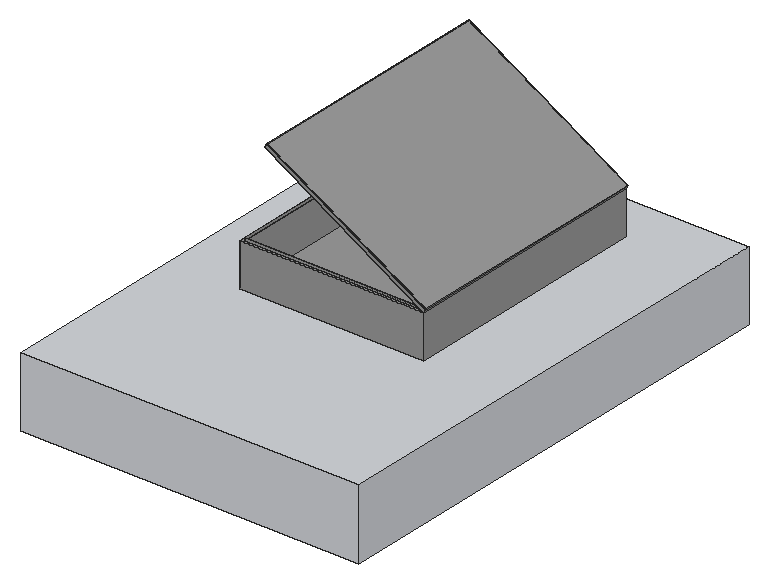
Revit family "Hager-Univers-IP44-D205-H1100-Cl.II-Encl-FR-fr", category Equipement électrique, Revit 2020
Family settings
  Hôte = Face
  Configuration du panneau = Deux colonnes, circuits au sein
  Cote de connecteur circulaire = Utiliser le diamètre
  Type d'élément = Tableau de raccordement
  Couper avec des vides une fois chargée = Non
  Partagée = Non
  Point de calcul de pièce = Non
Parameters (values of type "saillie IP44 L800 H1100 P205  - FP73QS")
  Width Control [instance] = if([EF000008 - largeur] > Min Width, [EF000008 - largeur], Min Width)  # 800 mm
  Commentaires du type = [HG000003 - Gamme]  # "Univers"
  Thickness Door [instance] = if([EF009171 - épaisseur de matériau de la porte/du couvercle] > 3 mm, 3 mm, [EF009171 - épaisseur de matériau de la porte/du couvercle])  # 1 mm
  Seal Frame Offset [instance] = 17 mm  # constant formula
  Plinth Visibility [instance] = [HG000027 - Hauteur du socle] > 0 mm  # no
  Model = ""
  Min Width [instance] = 100 mm  # constant formula
  Min Height [instance] = 100 mm  # constant formula
  Min Depth [instance] = (2 * [EF009170 - épaisseur de matériau du boîtier]) + 1 mm  # 3 mm
  Internal Frame Depth [instance] = (Door System Depth * 0.5)  # 9 mm
  Height Control [instance] = if([EF000040 - hauteur] > Min Height, [EF000040 - hauteur], Min Height)  # 1100 mm
  HG000027 - Hauteur du socle = 0 mm
  HG000026 - Installation au sol = no
  HG000024 - Hauteur de la section basse = 800 mm
  HG000023 - Armoire double section = no
  HG000016 - Visibilité de la porte 3D [instance] = yes
  HG000015 - Visibilité de l'emprise de la porte [instance] = no
  HG000014 - Porte à droite [instance] = yes
  HG000013 - Porte à gauche [instance] = not([HG000014 - Porte à droite])  # no
  HG000012 - Angle de pivotement de la porte [instance] = 30.00°
  HG000010 - Portes asymétriques = no
  HG000009 - Porte à double battant = no
  HG000006 - Encastré = no
  HG000004 - Référence fabricant = "FP73QS"
  HG000003 - Gamme = "Univers"
  HG000002 - avec porte = yes
  Frame Offset Bottom [instance] = 10 mm  # constant formula
  Frame Offset [instance] = 15 mm  # constant formula
  EF015940 - couvercle avec décharge de pression = no
  EF011959 - degré de protection (NEMA) = ""
  EF009554 - nombre d'ouvertures pour plaques à bride = 6
  Fabricant = "Hager"  # constant formula
  EF009212 - finition du couvercle = "EV000116 - fermé"
  EF009171 - épaisseur de matériau de la porte/du couvercle = 1 mm
  EF009170 - épaisseur de matériau du boîtier = 1 mm
  EF008873 - courant nominal (In) = 250 A
  EF007800 - adapté à un parafoudre = no
  EF006306 - avec serrure = no
  EF006244 - couvercle/porte transparent(e) = no
  EF005474 - indice de protection (IP) = "EV006418 - IP44"
  EF004464 - type de porte = "EV002646 - unique"
  EF004427 - nombre de modules = 252
  EF004293 - indice de protection contre les chocs (IK) = "EV006815 - IK09"
  EF003532 - convient pour utilisation à l’extérieur = no
  EF002950 - largeur en nombre de modules = 36
  EF001613 - maintien de fonction = "EV000494 - sans"
  EF001596 - matériau du boîtier/corps = "EV000179 - acier"
  EF001131 - profondeur intérieure = 143 mm
  EF001088 - possibilité de montage en saillie = yes
  EF000437 - nombre d'entrées de conduit = 6
  EF000339 - type de capot = "EV001012 - couvercle"
  EF000266 - nombre de rangées = 7
  EF000218 - profondeur d'encastrement = 0 mm
  EF000118 - avec cadre/support de montage = no
  EF000116 - numéro RAL = "9010"
  EF000049 - profondeur = 205 mm
  EF000040 - hauteur = 1100 mm
  EF000008 - largeur = 800 mm
  EF000007 - couleur = "EV000202 - blanc"
  EF000003 - mode de pose = "EV000384 - saillie"
  Door System Leaf Tolerance [instance] = 1.5 mm  # constant formula
  Door System Depth [instance] = 18 mm  # constant formula
  Door Height [instance] = Height Control - [HG000027 - Hauteur du socle]  # 1100 mm
  Depth Control [instance] = if([EF000049 - profondeur] > Min Depth, [EF000049 - profondeur], Min Depth)  # 205 mm
  Default Elevation = 0 mm
  Connector Offset [instance] = Height Control / 2  # 550 mm
  Bottom Top Plate Trim [instance] = 1.5 mm  # constant formula
  Plinth height Ctrl [instance] = if([HG000027 - Hauteur du socle] > 0 mm, [HG000027 - Hauteur du socle], 12 mm)  # 12 mm
Types (3, lengths in mm): name | Width Control | HG000009 - Porte à double battant | HG000004 - Référence fabricant | EF009554 - nombre d'ouvertures pour plaques à bride | EF004464 - type de porte | EF004427 - nombre de modules | EF002950 - largeur en nombre de modules | EF000437 - nombre d'entrées de conduit | EF000008 - largeur
  saillie IP44 L1050 H1100 P205  - FP74QS | 1050 | yes | "FP74QS" | 8 | "EV003602 - double" | 336 | 48 | 8 | 1050
  saillie IP44 L550 H1100 P205  - FP72QS | 550 | no | "FP72QS" | 4 | "EV002646 - unique" | 168 | 24 | 4 | 550
  saillie IP44 L800 H1100 P205  - FP73QS | 800 | no | "FP73QS" | 6 | "EV002646 - unique" | 252 | 36 | 6 | 800
Reference planes
  plane 1 "Center (Front/Back)": y = 0
  plane 2: z = 0
  plane 3 "Center (Left/Right)": x = 0
  plane 4: z = 205
  plane 5: y = 1
  plane 6: y = 550
  plane 7: y = 0
  plane 8: y = 1100
  plane 9: z = 0
  plane 10: x = -385
  plane 11: x = 385
  plane 12: x = 384
  plane 13: x = -384
  plane 14: y = 1099
  plane 15: x = -383
  plane 16: x = -400
  plane 17: x = 383
  plane 18: x = 400
  plane 19: x = 399
  plane 20: x = -399
  plane 21: y = 11
  plane 22: y = 1100
  plane 23: y = 1084
  plane 24: z = 187
  plane 25: z = 1
  plane 26: z = 186
  plane 27: z = 204
Forms (mm)
  Extrusion 1, solid
    sketch origin (0, 0, 0) x (1, 0, 0) y (0, 1, 0)
      loop
        line (-702.964, 1305) -> (-702.964, -811.445) -> (766.763, -811.445) -> (766.763, 1305) -> (-702.964, 1305)
    from 0 to -304.8
  Extrusion 2, solid, material "Hager_Steel_RAL7035_Light_Grey", visible <- "Plinth Visibility", detail levels medium+fine
    sketch origin (0, 0, 0) x (1, 0, 0) y (0, 1, 0)
      loop
        line (-400, 0) -> (400, 0) -> (400, 12) -> (-400, 12) -> (-400, 0)
    from 0 to 187
  Extrusion 3, solid, material "Hager_Steel_RAL7035_Light_Grey", detail levels medium+fine
    sketch origin (0, 0, 0) x (1, 0, 0) y (0, 1, 0)
      loop
        line (-400, 0) -> (400, 0) -> (400, 1100) -> (-400, 1100) -> (-400, 0)
    from 0 to 187
  Extrusion 4, void
    sketch origin (0, 0, 0) x (1, 0, 0) y (0, 1, 0)
      loop
        line (-399, 1) -> (399, 1) -> (399, 1099) -> (-399, 1099) -> (-399, 1)
    from 1 to 186
  Extrusion 5, void
    sketch origin (-381.607, -4572, 187) x (0, -1, 0) y (-1, 0, 0)
      loop
        line (-4583, 2.393) -> (-5656, 2.393) -> (-5656, -765.607) -> (-4583, -765.607) -> (-4583, 2.393)
    from 0 to 1 <- "EF009170 - épaisseur de matériau du boîtier"
  Extrusion 6, solid, material "Hager_Steel_RAL7035_Light_Grey", detail levels fine
    sketch origin (0, 0, 187) x (1, 0, 0) y (0, 1, 0)
      loop
        line (-384, 1084) -> (-384, 11) -> (384, 11) -> (384, 1084) -> (-384, 1084)
      loop
        line (-385, 10) -> (385, 10) -> (385, 1085) -> (-385, 1085) -> (-385, 10)
    from 0 to 9 <- "Internal Frame Depth"
  Extrusion 7, solid, material "Hager_Steel_RAL7035_Light_Grey", detail levels coarse
    sketch origin (0, 0, 0) x (1, 0, 0) y (0, 1, 0)
      loop
        line (-400, 0) -> (400, 0) -> (400, 1100) -> (-400, 1100) -> (-400, 0)
    from 0 to 205
  Sweep 8, void
    path in 3D
      loop
        line (-400, 12, 0) -> (400, 12, 0) -> (400, 12, 187) -> (-400, 12, 187) -> (-400, 12, 0)
    profile origin (-400, 12, 93.5) x (-1, 0, 0) y (0, -1, 0)
      loop
        line (0, 0) -> (0, 1.5) -> (-1.5, 1.5)
        arc (-1.5, 1.5) -> (-1.061, 0.439) -> (0, 0) r 1.5
Cuts and joins
  Extrusion 4, Extrusion 5 cuts Extrusion 3
  Sweep 8 cuts Extrusion 2
Lines and regions (mm)
  Masking region 1
    outline origin (0, 0, 0) x (1, 0, 0) y (0, 0, 1)
      loop
        line (-400, 205) -> (-400, 0) -> (400, 0) -> (400, 205) -> (-400, 205)
  Masking region 2, detail levels medium+fine
    outline origin (0, 140, 0) x (0, 1, 0) y (0, 0, 1)
      loop
        line (-140, 0) -> (960, 0) -> (960, 187) -> (-140, 187) -> (-140, 0)
  Masking region 3, not visible, detail levels medium+fine
    outline origin (0, 297.922, 0) x (0, 1, 0) y (0, 0, 1)
      loop
        line (263.578, 0) -> (303.578, 0) -> (303.578, 194)
        arc (303.578, 194) -> (300.649, 201.071) -> (293.578, 204) r 10
        line (293.578, 204) -> (263.578, 204) -> (263.578, 0)
  Masking region 4, detail levels coarse
    outline origin (0, 0, 180) x (0, 1, 0) y (0, 0, 1)
      loop
        line (0, -180) -> (1100, -180) -> (1100, 25) -> (0, 25) -> (0, -180)
  Masking region 5, visible <- "Plinth Visibility", detail levels medium+fine
    outline origin (0, 52.24, 12.345) x (0, 0, -1) y (0, 1, 0)
      loop
        line (10.845, -40.24) -> (-173.155, -40.24)
        arc (-173.155, -40.24) -> (-173.594, -41.301) -> (-174.655, -41.74) r 1.5
        line (-174.655, -41.74) -> (-174.655, -52.24) -> (12.345, -52.24) -> (12.345, -41.74)
        arc (12.345, -41.74) -> (11.285, -41.301) -> (10.845, -40.24) r 1.5
  Masking region 6, detail levels medium+fine
    outline origin (-381.607, -4572, 187) x (-1, 0, 0) y (0, -1, 0)
      loop
        line (18.393, -5672) -> (18.393, -4572) -> (-781.607, -4572) -> (-781.607, -5672) -> (18.393, -5672)
  Masking region 7, visible <- "Plinth Visibility", detail levels medium+fine
    outline origin (-381.607, -4727, 187) x (-1, 0, 0) y (0, -1, 0)
      loop
        arc (16.893, -4739) -> (17.332, -4737.939) -> (18.393, -4737.5) r 1.5
        line (18.393, -4737.5) -> (18.393, -4727) -> (-781.607, -4727) -> (-781.607, -4737.5)
        arc (-781.607, -4737.5) -> (-780.546, -4737.939) -> (-780.107, -4739) r 1.5
        line (-780.107, -4739) -> (16.893, -4739)
  Masking region 8, detail levels coarse
    outline origin (-442.548, -4669.526, 187) x (-1, 0, 0) y (0, -1, 0)
      loop
        line (-42.548, -5769.526) -> (-42.548, -4669.526) -> (-842.548, -4669.526) -> (-842.548, -5769.526) -> (-42.548, -5769.526)
  sketch lines
    curve 1: line (-400, 12, 187) -> (-400, 12, 0)
    curve 2: line (400, 12, 187) -> (-400, 12, 187)
    curve 3: line (400, 12, 187) -> (400, 12, 0)
    curve 4: line (-400, 12, 0) -> (400, 12, 0)
Dimensions and locks
  "Depth Control": plane 4 to Extrusion 1
  "HG000027 - Hauteur du socle": plane 1 "Center (Front/Back)" to plane 7
  "EF009170 - épaisseur de matériau du boîtier": plane 5 to plane 7
  locked: connector elem to plane 3 "Center (Left/Right)"
  equal spacing: plane 8, plane 6, plane 7
  locked: connector elem to plane 6
  "EF009170 - épaisseur de matériau du boîtier": plane 8 to plane 14
  "EF009170 - épaisseur de matériau du boîtier": plane 10 to plane 13
  "EF009170 - épaisseur de matériau du boîtier": plane 12 to plane 11
  "Frame Offset": plane 20 to plane 13
  "Frame Offset": plane 12 to plane 19
  "EF009170 - épaisseur de matériau du boîtier": plane 16 to plane 20
  "EF009170 - épaisseur de matériau du boîtier": plane 19 to plane 18
  "Seal Frame Offset": plane 16 to plane 15
  "Seal Frame Offset": plane 17 to plane 18
  "Frame Offset Bottom": plane 21 to plane 5
  "Frame Offset": plane 14 to plane 23
  equal spacing: plane 16, plane 3 "Center (Left/Right)", plane 18
  "Width Control": plane 16 to plane 18
  "EF009170 - épaisseur de matériau du boîtier": plane 4 to plane 27
  "EF009170 - épaisseur de matériau du boîtier": plane 24 to plane 26
  "EF009170 - épaisseur de matériau du boîtier": plane 25 to level
  "Door System Depth": plane 4 to plane 24
  "Height Control": plane 1 "Center (Front/Back)" to Extrusion 7 sketch curve
  "Height Control": Masking region 4 sketch curve to plane 1 "Center (Front/Back)"
  "Height Control": plane 1 "Center (Front/Back)" to plane 22
  "Bottom Top Plate Trim": profile plane to Sweep 8 sketch curve
  "Bottom Top Plate Trim": Sweep 8 sketch curve to profile plane
  "Plinth height Ctrl": plane 1 "Center (Front/Back)" to Extrusion 2 sketch curve
  "Plinth height Ctrl": Masking region 5 sketch curve to plane 1 "Center (Front/Back)"
  "Plinth height Ctrl": plane 1 "Center (Front/Back)" to Masking region 7 sketch curve
  "Thickness Door": Extrusion 6 sketch curve to Extrusion 6 sketch curve  (x3)
  "Thickness Door": cut or joined group of Extrusion 3, Extrusion 4, Extrusion 5 to Extrusion 6 sketch curve
  radius of Masking region 3 sketch curve = 10 mm
  "Bottom Top Plate Trim": radius of Masking region 5 sketch curve  (x2)
  "Bottom Top Plate Trim": radius of Sweep 8 sketch curve
  "Bottom Top Plate Trim": radius of Masking region 7 sketch curve  (x2)
  aligned and locked: plane 2 to Extrusion 1
  aligned and locked: level to Extrusion 1
  aligned and locked: level to Masking region 1 sketch curve
  aligned and locked: Masking region 1 sketch curve to plane 18
  aligned and locked: Masking region 1 sketch curve to plane 16
  aligned and locked: plane 7 to Masking region 2 sketch curve
  aligned and locked: level to Masking region 3 sketch curve
  aligned and locked: Masking region 3 sketch curve to plane 27
  aligned and locked: level to Masking region 2 sketch curve
  aligned and locked: plane 1 "Center (Front/Back)" to Extrusion 2 sketch curve
  aligned and locked: Extrusion 3 sketch curve to plane 7
  aligned and locked: plane 16 to Extrusion 3 sketch curve
  aligned and locked: plane 18 to Extrusion 3 sketch curve
  aligned and locked: plane 20 to Extrusion 4 sketch curve
  aligned and locked: plane 19 to Extrusion 4 sketch curve
  aligned and locked: Extrusion 4 sketch curve to plane 5
  aligned and locked: Extrusion 4 to plane 25
  aligned and locked: plane 26 to Extrusion 4
  aligned and locked: plane 24 to Extrusion 3
  aligned and locked: Extrusion 5 sketch curve to plane 21
  aligned and locked: Extrusion 5 sketch curve to plane 13
  aligned and locked: Extrusion 5 sketch curve to plane 12
  aligned and locked: plane 18 to Extrusion 7 sketch curve
  aligned and locked: plane 1 "Center (Front/Back)" to Extrusion 7 sketch curve
  aligned and locked: plane 16 to Extrusion 7 sketch curve
  aligned and locked: plane 4 to Extrusion 7
  aligned and locked: Extrusion 7 to level
  aligned and locked: level to Masking region 4 sketch curve
  aligned and locked: Masking region 4 sketch curve to plane 1 "Center (Front/Back)"
  aligned and locked: Masking region 4 sketch curve to plane 4
  aligned and locked: nested 1 to level
  aligned and locked: nested 1 to plane 16
  aligned and locked: plane 8 to Extrusion 3 sketch curve
  aligned and locked: plane 23 to Extrusion 5 sketch curve
  aligned and locked: plane 14 to Extrusion 4 sketch curve
  aligned and locked: Masking region 2 sketch curve to plane 8
  aligned and locked: level to Masking region 5 sketch curve
  aligned and locked: plane 16 to Extrusion 2 sketch curve
  aligned and locked: plane 18 to Extrusion 2 sketch curve
  aligned and locked: Masking region 5 sketch curve to plane 24
  aligned and locked: Masking region 2 sketch curve to plane 24
  aligned and locked: plane 24 to Extrusion 2
  aligned and locked: profile plane to Sweep 8 sketch curve  (x2)
  aligned and locked: Masking region 6 sketch curve to plane 18
  aligned and locked: Masking region 6 sketch curve to plane 22
  aligned and locked: Masking region 6 sketch curve to plane 16
  aligned and locked: plane 8 to plane 22
  aligned and locked: Masking region 6 sketch curve to plane 7
  aligned and locked: Masking region 7 sketch curve to plane 16
  aligned and locked: Masking region 7 sketch curve to plane 1 "Center (Front/Back)"
  aligned and locked: Masking region 7 sketch curve to plane 18
  aligned and locked: Masking region 8 sketch curve to plane 1 "Center (Front/Back)"
  aligned and locked: Masking region 8 sketch curve to plane 18
  aligned and locked: Masking region 8 sketch curve to plane 22
  aligned and locked: Masking region 8 sketch curve to plane 16
  aligned and locked: nested 2 to plane 7
  aligned and locked: plane 3 "Center (Left/Right)" to nested 2
  aligned and locked: nested 2 to plane 24
  aligned and locked: Extrusion 6 sketch curve to cut or joined group of Extrusion 3, Extrusion 4, Extrusion 5  (x4)
Automatic sketch dimensions
  Extrusion 1 sketch curve to Extrusion 1 sketch curve = 1469.727 mm
  Extrusion 1 sketch curve to Extrusion 1 sketch curve = 2116.445 mm
  Masking region 1 sketch curve to plane 4 = 0 mm
  plane 6 to Masking region 3 sketch curve = 11.5 mm
  Masking region 3 sketch curve to Masking region 3 sketch curve = 30 mm
  Masking region 5 sketch curve to plane 1 "Center (Front/Back)" = 0 mm
Nested families
  nested 1: "Hager_Enclosure_Symbol" at (-400, 0, 0) x (1, 0, 0) z (0, -1, 0), Height <- "Depth Control", Width <- "Width Control", type "Hager_Enclosure_Symbol"
    with Width_Ctrl 800 mm, Width 800 mm, Height_Ctrl 205 mm, Height 205 mm, A_Width_Int 13.453 mm, A_Width 161.438 mm, A_Height_Ctrl 179.375 mm, A_Height 179.375 mm
  nested 2: "EC000058_Univers_Door" at (0, 0, 187) x (1, 0, 0) z (0, 1, 0), Leaf_Tolerance <- "Door System Leaf Tolerance", Angle <- "HG000012 - Angle de pivotement de la porte", Door_Depth <- "Door System Depth", Door_Left <- "HG000013 - Porte à gauche", Transparent <- "EF006244 - couvercle/porte transparent(e)", Assymetrical <- "HG000010 - Portes asymétriques", Width <- "Width Control", Clearance <- "HG000015 - Visibilité de l'emprise de la porte", Double <- "HG000009 - Porte à double battant", 3d_Door <- "HG000016 - Visibilité de la porte 3D", Lock_Visibility <- "EF006306 - avec serrure", Width_Ctrl <- "Width Control", Door_Right <- "HG000014 - Porte à droite", Door <- "HG000002 - avec porte", Height <- "Door Height", Thickness <- "Thickness Door", type "EC000058_Univers_Door", detail levels medium+fine
    with min_wh 3 mm, Width_Ctrl 800 mm, Width 800 mm, Transparent no, Thickness 1 mm, Seal_Material Hager_Rubber, Lock_Visibility no, Lock_Material Hager_Plastic_RAL9005_Jet_Black, Leaf_Width 800 mm, Leaf_Tolerance_External_Sides 0 mm, Leaf_Tolerance 1.5 mm, Leaf_Offset 0 mm, Leaf_Height 1097 mm, Leaf_2_Width 800 mm, Leaf_2_Offset 400 mm, Leaf_1_Width 800 mm, Leaf_1_Offset 400 mm, Height_Ctrl 1100 mm, Height 1100 mm, Glass_Material Hager_Glass, Double_Clearance_Ctrl no, Double no, Door_Right_Ctrl yes, Door_Right yes, Door_Material Hager_Steel_RAL7035_Light_Grey, Door_Left_Ctrl no, Door_Left no, Door_Depth 18 mm, Door yes, Clearance_Material Hager_Clearance, Clearance_Depth 800 mm, Clearance_Ctrl no, Clearance no, Assymetrical no, Angle 30.00°, 3d_Door yes
Connectors
  electrical at (0, 550, 0)
    settings: on plane 9, index 1, voltage 0 V, apparent load 0 VA, apparent load phase1 0 VA, apparent load phase2 0 VA, apparent load phase3 0 VA, power factor 1, load classification "Other", number of poles 1, system type 30, power factor state 1, is connector primary yes, connector utility no, sub classification motor no, connector description ""
Definition of nested family "EC000058_Univers_Door"
  Parameters (values of type "EC000058_Univers_Door")
    min_wh [instance] = (2 * Thickness) + 1 mm  # 11 mm
    Width_Ctrl [instance] = 400 mm
    Width [instance] = 500 mm
    Transparent [instance] = yes
    Thickness [instance] = 5 mm
    Seal_Material [instance] = none
    Lock_Visibility [instance] = yes
    Lock_Material [instance] = none
    Leaf_Width [instance] = if((Width_Ctrl - 2 * Leaf_Tolerance_External_Sides) > 0 mm, (Width_Ctrl - 2 * Leaf_Tolerance_External_Sides), min_wh)  # 400 mm
    Leaf_Tolerance_External_Sides [instance] = 0 mm  # constant formula
    Leaf_Tolerance [instance] = 1.5 mm
    Leaf_Offset [instance] = 0 mm  # constant formula
    Leaf_Height [instance] = if((Height_Ctrl - 2 * Leaf_Tolerance) > 0 mm, (Height_Ctrl - 2 * Leaf_Tolerance), min_wh)  # 497 mm
    Leaf_2_Width [instance] = if(and(and(Double, Assymetrical), Door_Left), (Leaf_Width / 3) - (Leaf_Tolerance / 2), if(and(and(Double, Assymetrical), Door_Right), (Leaf_Width / 3) * 2 - (Leaf_Tolerance / 2), if(and(Double, not(Assymetrical)), (Leaf_Width / 2) - Leaf_Tolerance, Leaf_Width)))  # 400 mm
    Leaf_2_Offset [instance] = if(and(Double, Assymetrical), Leaf_2_Width / 2, if(and(Double, not(Assymetrical)), Leaf_Width / 4, Leaf_Width / 2))  # 200 mm
    Leaf_1_Width [instance] = if(and(and(Double, Assymetrical), Door_Right), (Leaf_Width / 3) - (Leaf_Tolerance / 2), if(and(and(Double, Assymetrical), Door_Left), (Width / 3) * 2 - (Leaf_Tolerance / 2), if(and(Double, not(Assymetrical)), (Leaf_Width / 2) - Leaf_Tolerance, Leaf_Width)))  # 400 mm
    Leaf_1_Offset [instance] = if(and(Double, Assymetrical), Leaf_1_Width / 2, if(and(Double, not(Assymetrical)), Leaf_Width / 4, Leaf_Width / 2))  # 200 mm
    Height_Ctrl [instance] = if(Height > min_wh, Height, min_wh)  # 500 mm
    Height [instance] = 500 mm
    Glass_Material [instance] = none
    Double_Clearance_Ctrl [instance] = and(Double, Clearance)  # no
    Double [instance] = no
    Door_Right_Ctrl [instance] = and(or(Door_Right, Double), Door)  # yes
    Door_Right [instance] = yes
    Door_Material [instance] = none
    Door_Left_Ctrl [instance] = and(or(Door_Left, Double), Door)  # no
    Door_Left [instance] = no
    Door_Depth [instance] = 30 mm
    Door [instance] = yes
    Default Elevation = 1219.2 mm
    Clearance_Material [instance] = none
    Clearance_Depth [instance] = if(Leaf_1_Width > Leaf_2_Width, Leaf_1_Width, Leaf_2_Width)  # 400 mm
    Clearance_Ctrl [instance] = and(not(Double), Clearance)  # yes
    Clearance [instance] = yes
    Assymetrical [instance] = yes
    Angle [instance] = 30.00°
    3d_Door [instance] = yes
  Reference planes
    plane 1 "Center (Front/Back)": y = 0
    plane 2 "Bottom": z = 0
    plane 3 "Center (Left/Right)": x = 0
    plane 4: z = 500
    plane 5: x = -200
    plane 6: x = 200
    plane 7: z = 500
    plane 8: x = -200
    plane 9: z = 0
    plane 10: x = 200
    plane 11: y = 0
    plane 12: z = 1.5
    plane 13: x = -600
    plane 14: y = -400
    plane 15: x = 600
    plane 16: x = 0
    plane 17: x = 0
    plane 18: x = -200
    plane 19: x = 200
    plane 20: z = 498.5
  Forms (mm)
    Extrusion 1, solid, material <- "Clearance_Material", visible <- "Double_Clearance_Ctrl"
      sketch origin (1200, 0, 0) x (1, 0, 0) y (0, 0, -1)
        loop
          line (-1800, -498.5) -> (-600, -498.5) -> (-600, 0) -> (-1800, 0) -> (-1800, -498.5)
      from 0 to -400
  Dimensions and locks
    equal spacing: plane 5, plane 3 "Center (Left/Right)", plane 6
    "Width_Ctrl": plane 5 to plane 6
    "Leaf_Offset": plane 5 to plane 8
    "Leaf_Offset": plane 6 to plane 10
    "Leaf_Offset": plane 9 to level
    "Leaf_Offset": plane 4 to plane 7
    "Height_Ctrl": plane 4 to level
    "Leaf_Tolerance": plane 12 to plane 9
    locked: plane 11 to plane 1 "Center (Front/Back)"
    "Leaf_1_Offset": plane 18 to plane 16
    "Leaf_2_Offset": plane 17 to plane 19
    "Leaf_1_Width": plane 13 to plane 8
    "Leaf_2_Width": plane 10 to plane 15
    "Clearance_Depth": plane 14 to plane 1 "Center (Front/Back)"
    "Leaf_Tolerance_External_Sides": plane 8 to plane 18
    "Leaf_Tolerance_External_Sides": plane 19 to plane 10
    "Leaf_Tolerance": plane 7 to plane 20
    aligned and locked: level to plane 2 "Bottom"
    aligned and locked: nested 1 to plane 16
    aligned and locked: nested 2 to plane 17
    aligned and locked: Extrusion 1 to plane 13
    aligned and locked: plane 15 to Extrusion 1
    aligned and locked: Extrusion 1 to plane 14
    aligned and locked: plane 12 to nested 1
    aligned and locked: nested 2 to plane 12
    aligned and locked: Extrusion 1 to plane 11
    aligned and locked: plane 20 to Extrusion 1
    aligned and locked: nested 2 to plane 11
    aligned and locked: nested 1 to plane 11
  Automatic sketch dimensions
    Extrusion 1 sketch curve to level = 0 mm
    plane 5 to Extrusion 1 sketch curve = 400 mm
    plane 6 to Extrusion 1 sketch curve = 400 mm
    Extrusion 1 sketch curve to plane 4 = 1.5 mm
  Nested families
    nested 1: "EC000058_Univers_Door_Leaf" at (0, 0, 1.5), Width <- "Leaf_1_Width", visible <- "Door_Left_Ctrl", Leaf_Height <- "Leaf_Height", Angle <- "Angle", 3d_Door <- "3d_Door", Transparent <- "Transparent", Clearance Material <- "Clearance_Material", Clearance <- "Clearance_Ctrl", Door_Material <- "Door_Material", Glass_Material <- "Glass_Material", Door_Depth <- "Door_Depth", Lock_Material <- "Lock_Material", Seal_Material <- "Seal_Material", Lock_Visibility <- "Lock_Visibility", Thickness <- "Thickness", type "EC000058_Univers_Door_Leaf"
      with Width 400 mm, Transparent_Glass_Offset 30 mm, Transparent_Ctrl yes, Transparent yes, Thickness 5 mm, Standard no, Seal_Material none, Seal_D2 8 mm, Seal_D1 1 mm, Offset_Internal_Frame 10 mm, Lock_Width 20 mm, Lock_Visibility_3d yes, Lock_Visibility yes, Lock_Thickness_3 3 mm, Lock_Thickness_2 1 mm, Lock_Thickness_1 3 mm, Lock_Radius_Offset_2 16 mm, Lock_Radius_Offset_1 15 mm, Lock_Radius_2 5 mm, Lock_Radius 6 mm, Lock_Offset 5 mm, Lock_Material none, Lock_Height 80 mm, Lock_Cover_Top_Offset_2d 17 mm, Lock_Cover_Height -65 mm, Leaf_Height 497 mm, Internal_Seal_Thickness 8 mm, Internal_Seal_Depth_2 4.5 mm, Internal_Frame_Depth 25 mm, Glass_Thickness -1 mm, Glass_Offset -2 mm, Glass_Material none, Door_Material none, Door_Depth 30 mm, Clearance Material none, Clearance yes, Angle_Ctrl 30.00°, Angle 30.00°, 3d_Door yes
    nested 2: "EC000058_Univers_Door_Leaf" at (0, 0, 1.5) x (-1, 0, 0) z (0, 0, 1), Width <- "Leaf_2_Width", visible <- "Door_Right_Ctrl", Leaf_Height <- "Leaf_Height", Angle <- "Angle", 3d_Door <- "3d_Door", Transparent <- "Transparent", Clearance Material <- "Clearance_Material", Clearance <- "Clearance_Ctrl", Door_Material <- "Door_Material", Glass_Material <- "Glass_Material", Door_Depth <- "Door_Depth", Lock_Material <- "Lock_Material", Seal_Material <- "Seal_Material", Lock_Visibility <- "Lock_Visibility", Thickness <- "Thickness", type "EC000058_Univers_Door_Leaf"
      with Width 400 mm, Transparent_Glass_Offset 30 mm, Transparent_Ctrl yes, Transparent yes, Thickness 5 mm, Standard no, Seal_Material none, Seal_D2 8 mm, Seal_D1 1 mm, Offset_Internal_Frame 10 mm, Lock_Width 20 mm, Lock_Visibility_3d yes, Lock_Visibility yes, Lock_Thickness_3 3 mm, Lock_Thickness_2 1 mm, Lock_Thickness_1 3 mm, Lock_Radius_Offset_2 16 mm, Lock_Radius_Offset_1 15 mm, Lock_Radius_2 5 mm, Lock_Radius 6 mm, Lock_Offset 5 mm, Lock_Material none, Lock_Height 80 mm, Lock_Cover_Top_Offset_2d 17 mm, Lock_Cover_Height -65 mm, Leaf_Height 497 mm, Internal_Seal_Thickness 8 mm, Internal_Seal_Depth_2 4.5 mm, Internal_Frame_Depth 25 mm, Glass_Thickness -1 mm, Glass_Offset -2 mm, Glass_Material none, Door_Material none, Door_Depth 30 mm, Clearance Material none, Clearance yes, Angle_Ctrl 30.00°, Angle 30.00°, 3d_Door yes
  Definition of nested family "EC000058_Univers_Door_Leaf"
    Parameters (values of type "EC000058_Univers_Door_Leaf")
      Width [instance] = 2000 mm
      Transparent_Glass_Offset [instance] = 30 mm
      Transparent_Ctrl [instance] = and(Transparent, [3d_Door])  # yes
      Transparent [instance] = yes
      Thickness [instance] = 5 mm
      Standard [instance] = and(not(Transparent), [3d_Door])  # no
      Seal_Material [instance] = none
      Seal_D2 [instance] = 8 mm  # constant formula
      Seal_D1 [instance] = 1 mm  # constant formula
      Offset_Internal_Frame [instance] = 10 mm  # constant formula
      Lock_Width [instance] = 20 mm  # constant formula
      Lock_Visibility_3d [instance] = and(Lock_Visibility, [3d_Door])  # yes
      Lock_Visibility [instance] = yes
      Lock_Thickness_3 [instance] = 3 mm  # constant formula
      Lock_Thickness_2 [instance] = 1 mm  # constant formula
      Lock_Thickness_1 [instance] = 3 mm  # constant formula
      Lock_Radius_Offset_2 [instance] = Lock_Radius_Offset_1 + 1 mm  # 16 mm
      Lock_Radius_Offset_1 [instance] = 15 mm  # constant formula
      Lock_Radius_2 [instance] = Lock_Radius - 1 mm  # 5 mm
      Lock_Radius [instance] = 6 mm  # constant formula
      Lock_Offset [instance] = 5 mm  # constant formula
      Lock_Material [instance] = none
      Lock_Height [instance] = 80 mm  # constant formula
      Lock_Cover_Top_Offset_2d [instance] = Lock_Radius_Offset_2 + 1 mm  # 17 mm
      Lock_Cover_Height [instance] = -(Lock_Height - Lock_Radius_Offset_1)  # -65 mm
      Leaf_Height [instance] = 2720.336 mm
      Internal_Seal_Thickness [instance] = 8 mm  # constant formula
      Internal_Seal_Depth_2 [instance] = 4.5 mm  # constant formula
      Internal_Frame_Depth [instance] = if(Door_Depth - Thickness > 5 mm, Door_Depth - Thickness, 5 mm)  # 25 mm
      Glass_Thickness [instance] = if(Thickness > 15 mm, Glass_Offset + 10 mm, -1 mm)  # -1 mm
      Glass_Offset [instance] = if(Thickness > 15 mm, -(Thickness + 10 mm) / 2, -2 mm)  # -2 mm
      Glass_Material [instance] = none
      Door_Material [instance] = none
      Door_Depth [instance] = 30 mm
      Default Elevation = 0 mm
      Clearance Material [instance] = none
      Clearance [instance] = yes
      Angle_Ctrl [instance] = if(Angle > 180.00°, 180.00°, Angle)  # 90.00°
      Angle [instance] = 90.00°
      3d_Door [instance] = yes
    Reference planes
      plane 1 "Center (Front/Back)": y = 0
      plane 2: z = 0
      plane 3 "Center (Left/Right)": x = 0
      plane 4: y = 2000
      plane 5: x = -1000
      plane 6: x = 1000
      plane 7: x = -3000
      plane 8: z = 2720.336
      plane 9: z = 30
      plane 10: z = 2690.336
      plane 11: x = 970
      plane 12: x = -970
      plane 13: y = -3
      plane 14: z = 107.833
      plane 15: y = -5
      plane 16: y = -223.314
      plane 17: x = -1000
      plane 18: z = 1360.168
      plane 19: y = 30
    Forms (mm)
      Extrusion 1, solid, material <- "Clearance Material", visible <- "Clearance"
        sketch origin (0, 0, 0) x (1, 0, 0) y (0, 0, 1)
          loop
            line (-3000, 2720.336) -> (-3000, 0) -> (1000, 0) -> (1000, 2720.336) -> (-3000, 2720.336)
        from 0 to -2000
      Extrusion 2, solid, material <- "Door_Material", visible <- "Standard", detail levels medium+fine
        sketch origin (-1000, 0, 0) x (0, 1, 0) y (-1, 0, 0)
          loop
            line (0, 30) -> (0, 25) -> (2000, 25) -> (2000, 30) -> (0, 30)
        from 0 to 2720.336 <- "Leaf_Height"
      Extrusion 3, solid, material <- "Door_Material", visible <- "Transparent_Ctrl", detail levels medium+fine
        sketch origin (-1000, 0, 0) x (0, 1, 0) y (-1, 0, 0)
          loop
            line (0, 25) -> (2000, 25) -> (2000, 30) -> (0, 30) -> (0, 25)
        from 0 to 2720.336 <- "Leaf_Height"
      Extrusion 4, void
        sketch origin (-1025, 2000, 0) x (0, 1, 0) y (0, 0, -1)
          loop
            line (-30, -2690.336) -> (-30, -30) -> (-1970, -30) -> (-1970, -2690.336) -> (-30, -2690.336)
        from 0 to 5 <- "Thickness"
      Sweep 5, solid, material <- "Seal_Material", visible <- "Transparent_Ctrl", detail levels fine
        path in 3D
          loop
            line (-1025, 30, 30) -> (-1025, 30, 2690.336) -> (-1025, 1970, 2690.336) -> (-1025, 1970, 30) -> (-1025, 30, 30)
        profile origin (-1025, 1000, 30) x (1, 0, 0) y (0, 0, 1)
          loop
            line (0, 0) -> (0, -8) -> (1, -8) -> (1, 0) -> (0, 0)
      Extrusion 6, solid, material <- "Glass_Material", visible <- "Transparent_Ctrl", detail levels medium+fine
        sketch origin (-1030, 0, 0) x (0, 1, 0) y (0, 0, -1)
          loop
            line (1970, -2690.336) -> (1970, -30) -> (30, -30) -> (30, -2690.336) -> (1970, -2690.336)
        from -2 <- "Glass_Offset" to -1 <- "Glass_Thickness"
      Extrusion 7, solid, material <- "Door_Material", visible <- "3d_Door", detail levels medium+fine
        sketch origin (-1025, 2000, 0) x (0, -1, 0) y (0, 0, -1)
          loop
            line (0, -2720.336) -> (2000, -2720.336) -> (2000, 0) -> (0, 0) -> (0, -2720.336)
          loop
            line (1995, -5) -> (5, -5) -> (5, -2715.336) -> (1995, -2715.336) -> (1995, -5)
        from 0 to 25 <- "Internal_Frame_Depth"
      Sweep 8, solid, material <- "Seal_Material", visible <- "Transparent_Ctrl", detail levels fine
        path in 3D
          loop
            line (-1025, 0, 0) -> (-1025, 2000, 0) -> (-1025, 2000, 2720.336) -> (-1025, 0, 2720.336) -> (-1025, 0, 0)
        profile origin (-1025, 0, 1360.168) x (1, 0, 0) y (0, 1, 0)
          loop
            line (0, 10) -> (2.975, 10)
            arc (2.975, 10) -> (4.053, 10.447) -> (4.5, 11.525) r 1.525
            line (4.5, 11.525) -> (4.5, 16.527)
            arc (4.5, 16.527) -> (4.069, 17.569) -> (3.027, 18) r 1.473
            line (3.027, 18) -> (0, 18) -> (0, 10)
      Extrusion 9, solid, material <- "Lock_Material", visible <- "Lock_Visibility_3d", detail levels fine
        sketch origin (-1030, 0, 0) x (0, 1, 0) y (0, 0, -1)
          loop
            arc (1993.5, -1400.168) -> (1994.561, -1399.729) -> (1995, -1398.668) r 1.5
            line (1995, -1398.668) -> (1995, -1320.168) -> (1975, -1320.168) -> (1975, -1398.668)
            arc (1975, -1398.668) -> (1975.439, -1399.729) -> (1976.5, -1400.168) r 1.5
            line (1976.5, -1400.168) -> (1993.5, -1400.168)
        from 3 <- "Lock_Thickness_1" to 0
      Blend 10, solid, material <- "Lock_Material", visible <- "Lock_Visibility_3d", detail levels fine
        base sketch origin (-1033, 0, 0) x (0, 1, 0) y (0, 0, -1)
          loop
            line (1975, -1320.168) -> (1975, -1398.668)
            arc (1975, -1398.668) -> (1975.439, -1399.729) -> (1976.5, -1400.168) r 1.5
            line (1976.5, -1400.168) -> (1993.5, -1400.168)
            arc (1993.5, -1400.168) -> (1994.561, -1399.729) -> (1995, -1398.668) r 1.5
            line (1995, -1398.668) -> (1995, -1320.168) -> (1975, -1320.168)
        top sketch origin (-1033, 0, 0) x (0, 1, 0) y (0, 0, -1)
          loop
            line (1976, -1320.168) -> (1976, -1398.668)
            arc (1976, -1398.668) -> (1976.146, -1399.022) -> (1976.5, -1399.168) r 0.5
            line (1976.5, -1399.168) -> (1993.5, -1399.168)
            arc (1993.5, -1399.168) -> (1993.854, -1399.022) -> (1994, -1398.668) r 0.5
            line (1994, -1398.668) -> (1994, -1320.168) -> (1976, -1320.168)
        from 0 to 1 <- "Lock_Thickness_2"
      Blend 11, solid, material <- "Lock_Material", visible <- "Lock_Visibility_3d", detail levels fine
        base sketch origin (-1034, 0, 0) x (0, 1, 0) y (0, 0, -1)
          loop
            line (1978, -1320.168) -> (1978, -1384.168)
            arc (1978, -1384.168) -> (1985, -1391.168) -> (1992, -1384.168) r 7
            line (1992, -1384.168) -> (1992, -1320.168) -> (1978, -1320.168)
        top sketch origin (-1034, 0, 0) x (0, 1, 0) y (0, 0, -1)
          loop
            line (1991, -1320.168) -> (1979, -1320.168) -> (1979, -1383.168)
            arc (1979, -1383.168) -> (1985, -1389.168) -> (1991, -1383.168) r 6
            line (1991, -1383.168) -> (1991, -1320.168)
        from 0 to 3 <- "Lock_Thickness_3"
      Extrusion 12, solid, material <- "Lock_Material", visible <- "Lock_Visibility_3d", detail levels fine
        sketch origin (-1030, 1975, 1320.168) x (1, 0, 0) y (0, -1, 0)
          loop
            line (-7, -19) -> (-7, -1) -> (0, -1) -> (0, 0) -> (-8, 0) -> (-8, -20) -> (0, -20) -> (0, -19) -> (-7, -19)
        from 0 to -65 <- "Lock_Cover_Height"
      Extrusion 13, void
        sketch origin (-1038, 1995, 1320.168) x (-1, 0, 0) y (0, 0, -1)
          loop
            line (-5, -65) -> (0, -65) -> (-5, -60) -> (-5, -65)
        from 0 to 20 <- "Lock_Width"
      Extrusion 14, void
        sketch origin (-1038, 1975, 1320.168) x (0, -1, 0) y (0, 0, -1)
          loop
            circle (-10, -15.995) r 6
          loop
            circle (-10, -15.995) r 5
        from 0 to 2
      Extrusion 15, solid, material <- "Lock_Material", visible <- "Lock_Visibility_3d", detail levels medium
        sketch origin (-1030, 0, 0) x (0, 1, 0) y (0, 0, -1)
          loop
            arc (1993.5, -1400.168) -> (1994.561, -1399.729) -> (1995, -1398.668) r 1.5
            line (1995, -1398.668) -> (1995, -1320.168) -> (1975, -1320.168) -> (1975, -1398.668)
            arc (1975, -1398.668) -> (1975.439, -1399.729) -> (1976.5, -1400.168) r 1.5
            line (1976.5, -1400.168) -> (1993.5, -1400.168)
        from 8 to 0
    Cuts and joins
      Extrusion 4 cuts Extrusion 3
      Extrusion 13, Extrusion 14 cuts Extrusion 9
      Extrusion 14 cuts Blend 11
      Extrusion 13, Extrusion 14 cuts Extrusion 12
      joined: Extrusion 9, Blend 10, Blend 11, Extrusion 12
      Extrusion 14 cuts Extrusion 15
    Lines and regions (mm)
      Masking region 1, visible <- "Lock_Visibility", detail levels fine
        outline origin (0, 0, 0) x (0, 1, 0) y (0, 0, 1)
          loop
            line (30, 1320.168) -> (33, 1320.168) -> (33, 1400.168) -> (30, 1400.168) -> (30, 1320.168)
      Masking region 2, visible <- "Lock_Visibility", detail levels fine
        outline origin (0, 3.143, 0) x (0, 1, 0) y (0, 0, 1)
          loop
            line (29.857, 1354.168) -> (30.857, 1354.168) -> (30.857, 1366.168) -> (29.857, 1366.168) -> (29.857, 1354.168)
      Masking region 3, detail levels medium+fine
        outline origin (0, 0, 0) x (0, 1, 0) y (0, 0, 1)
          loop
            line (0, 0) -> (30, 0) -> (30, 2720.336) -> (0, 2720.336) -> (0, 0)
      Masking region 4, detail levels medium+fine
        outline origin (0, 0, 0) x (1, 0, 0) y (0, 0, 1)
          loop
            line (-1000, 2720.336) -> (-1000, 0) -> (1000, 0) -> (1000, 2720.336) -> (-1000, 2720.336)
      Masking region 5, visible <- "Lock_Visibility", detail levels fine
        outline origin (-47.116, 0, 0) x (1, 0, 0) y (0, 0, 1)
          loop
            arc (1024.616, 1399.168) -> (1023.556, 1398.729) -> (1023.116, 1397.668) r 1.5
            line (1023.116, 1397.668) -> (1023.116, 1320.168) -> (1041.116, 1320.168) -> (1041.116, 1397.668)
            arc (1041.116, 1397.668) -> (1040.677, 1398.729) -> (1039.616, 1399.168) r 1.5
            line (1039.616, 1399.168) -> (1024.616, 1399.168)
      Masking region 6, visible <- "Lock_Visibility", detail levels medium+fine
        outline origin (-25, 0, 0) x (1, 0, 0) y (0, 0, 1)
          loop
            arc (1001.5, 1400.168) -> (1000.439, 1399.729) -> (1000, 1398.668) r 1.5
            line (1000, 1398.668) -> (1000, 1320.168) -> (1020, 1320.168) -> (1020, 1398.668)
            arc (1020, 1398.668) -> (1019.561, 1399.729) -> (1018.5, 1400.168) r 1.5
            line (1018.5, 1400.168) -> (1001.5, 1400.168)
      Masking region 7, visible <- "Lock_Visibility", detail levels fine
        outline origin (-73.735, 0, 0) x (1, 0, 0) y (0, 0, 1)
          loop
            line (1051.735, 1382.168) -> (1065.735, 1382.168) -> (1065.735, 1384.168)
            arc (1065.735, 1384.168) -> (1058.735, 1391.168) -> (1051.735, 1384.168) r 7
            line (1051.735, 1384.168) -> (1051.735, 1382.168)
      Masking region 8, visible <- "Lock_Visibility", detail levels fine
        outline origin (-73.735, 0, 0) x (1, 0, 0) y (0, 0, 1)
          loop
            line (1052.735, 1382.168) -> (1064.735, 1382.168) -> (1064.735, 1383.168)
            arc (1064.735, 1383.168) -> (1058.735, 1389.168) -> (1052.735, 1383.168) r 6
            line (1052.735, 1383.168) -> (1052.735, 1382.168)
      Masking region 9, visible <- "Lock_Visibility", detail levels fine
        outline origin (-25, 0, 0) x (1, 0, 0) y (0, 0, 1)
          loop
            line (1020, 1320.168) -> (1020, 1382.168) -> (1000, 1382.168) -> (1000, 1320.168) -> (1020, 1320.168)
      Masking region 10, detail levels medium+fine
        outline origin (0, 0, 0) x (1, 0, 0) y (0, 0, 1)
          loop
            circle (985, 1335.144) r 6
      Masking region 11, detail levels fine
        outline origin (0, 0, 0) x (1, 0, 0) y (0, 0, 1)
          loop
            circle (985, 1335.144) r 5
      Masking region 12, visible <- "Lock_Visibility", detail levels fine
        outline origin (0, 12.767, 0) x (0, 1, 0) y (0, 0, 1)
          loop
            line (20.233, 1320.168) -> (21.233, 1320.168) -> (21.233, 1399.168) -> (20.233, 1400.168) -> (20.233, 1320.168)
      Masking region 13, visible <- "Lock_Visibility", detail levels fine
        outline origin (0, 13.767, -10) x (0, 1, 0) y (0, 0, 1)
          loop
            line (20.233, 1330.168) -> (23.233, 1330.168) -> (23.233, 1399.168) -> (20.233, 1402.168) -> (20.233, 1330.168)
      Masking region 14, visible <- "Lock_Visibility", detail levels fine
        outline origin (0, 12.767, -10) x (0, 1, 0) y (0, 0, 1)
          loop
            line (20.233, 1330.168) -> (25.233, 1330.168) -> (25.233, 1399.305) -> (20.233, 1394.305) -> (20.233, 1330.168)
      Masking region 15, visible <- "Lock_Visibility", detail levels medium
        outline origin (0, 0, 0) x (0, 1, 0) y (0, 0, 1)
          loop
            line (30, 1320.168) -> (38, 1320.168) -> (38, 1400.168) -> (30, 1400.168) -> (30, 1320.168)
      Masking region 16, visible <- "Lock_Visibility", detail levels fine
        outline origin (-1000, 0, 0) x (0, 1, 0) y (-1, 0, 0)
          loop
            line (1975, 30) -> (1995, 30) -> (1995, 38) -> (1975, 38) -> (1975, 30)
          loop
            line (1979, 37) -> (1976, 37) -> (1976, 34) -> (1978, 34) -> (1979, 37)
          loop
            line (1994, 37) -> (1991, 37) -> (1992, 34) -> (1994, 34) -> (1994, 37)
      Masking region 17, visible <- "Lock_Visibility", detail levels medium
        outline origin (-1000, 0, 0) x (0, 1, 0) y (-1, 0, 0)
          loop
            line (1975, 30) -> (1995, 30) -> (1995, 38) -> (1975, 38) -> (1975, 30)
      symbolic lines
        curve 1: line (1000, 0, 0) -> (-3000, 0, 0)
        curve 2: arc (1000, 0, 0) -> (-1000, 2000, 0) -> (-3000, 0, 0) r 2000
        curve 4: line (-1030, 0, 0) -> (-1030, 2000, 0)
      reference lines
        curve 3: line (-1000, 0, 0) -> (-1000, 2000, 0)
      symbolic lines, detail levels medium+fine
        curve 5: line (-1030, 2000, 0) -> (-1025, 2000, 0)
        curve 7: line (-1025, 0, 0) -> (-1030, 0, 0)
        curve 8: line (-1025, 0, 0) -> (-1000, 0, 0)
        curve 9: line (-1000, 0, 0) -> (-1000, 2000, 0)
        curve 10: line (-1000, 2000, 0) -> (-1025, 2000, 0)
      symbolic lines, detail levels fine
        curve 6: line (-1025, 2000, 0) -> (-1025, 0, 0)
      sketch lines
        curve 11: line (-1025, 0, 2720.336) -> (-1025, 0, 0)
        curve 12: line (-1025, 2000, 0) -> (-1025, 0, 0)
        curve 13: line (-1025, 2000, 2720.336) -> (-1025, 2000, 0)
        curve 14: line (-1025, 0, 2720.336) -> (-1025, 2000, 2720.336)
        curve 15: line (-1025, 1970, 30) -> (-1025, 30, 30)
        curve 16: line (-1025, 30, 30) -> (-1025, 30, 2690.336)
        curve 17: line (-1025, 1970, 2690.336) -> (-1025, 1970, 30)
        curve 18: line (-1025, 30, 2690.336) -> (-1025, 1970, 2690.336)
      symbolic lines, visible <- "Transparent", detail levels medium+fine
        curve 19: line (-970, 0, 2690.336) -> (970, 0, 2690.336)
        curve 20: line (-970, 0, 30) -> (-970, 0, 2690.336)
        curve 21: line (970, 0, 30) -> (-970, 0, 30)
        curve 22: line (970, 0, 2690.336) -> (970, 0, 30)
    Dimensions and locks
      "Width": plane 1 "Center (Front/Back)" to plane 4
      equal spacing: plane 5, plane 3 "Center (Left/Right)", plane 6
      "Width": plane 5 to plane 6
      "Width": plane 7 to plane 5
      "Leaf_Height": plane 8 to level
      "Width": curve 5 to curve 3
      "Width": curve 3 to curve 3
      plane 8 to plane 10 = 30 mm
      plane 9 to level = 30 mm
      plane 12 to plane 5 = 30 mm
      plane 6 to plane 11 = 30 mm
      Extrusion 1 to Extrusion 4 sketch curve = 30 mm
      "Transparent_Glass_Offset": curve 3 to Extrusion 4 sketch curve
      "Transparent_Glass_Offset": Extrusion 4 sketch curve to cut or joined group of Extrusion 3, Extrusion 4  (x2)
      cut or joined group of Extrusion 3, Extrusion 4 to Extrusion 6 sketch curve = 30 mm
      "Transparent_Glass_Offset": cut or joined group of Extrusion 3, Extrusion 4 to Extrusion 4 sketch curve
      "Thickness": curve 6 to curve 4
      "Thickness": Extrusion 7 sketch curve to Extrusion 7 sketch curve  (x4)
      "Door_Depth": curve 4 to curve 3
      "Offset_Internal_Frame": profile plane to Sweep 8 sketch curve
      "Internal_Seal_Thickness": Sweep 8 sketch curve to Sweep 8 sketch curve
      "Internal_Seal_Depth_2": profile plane to Sweep 8 sketch curve
      "Seal_D1": profile plane to Sweep 5 sketch curve
      "Seal_D2": profile plane to Sweep 5 sketch curve
      "Thickness": Extrusion 2 sketch curve to Extrusion 2 sketch curve
      equal spacing: Extrusion 9 sketch curve, plane 18, Extrusion 9 sketch curve  (x2)
      equal spacing: Masking region 1 sketch curve, plane 18, Masking region 1 sketch curve
      "Lock_Height": Masking region 1 sketch curve to Masking region 1 sketch curve
      "Lock_Radius": Masking region 2 sketch curve to plane 18 to Masking region 2 sketch curve
      Masking region 2 sketch curve to Masking region 1 = 1 mm
      "Door_Depth": plane 19 to plane 1 "Center (Front/Back)"
      "Lock_Thickness_1": Masking region 1 sketch curve to plane 19
      "Lock_Width": Extrusion 9 sketch curve to Extrusion 9 sketch curve
      "Lock_Height": Extrusion 9 sketch curve to Extrusion 9 sketch curve
      "Lock_Offset": cut or joined group of Extrusion 3, Extrusion 4 to Extrusion 9 sketch curve
      equal spacing: plane 8, plane 18, level
      "Lock_Radius_Offset_1": Blend 11 sketch curve to Blend 10
      locked: Blend 10 to Blend 11 sketch curve at 2  (x2)
      locked: var sketch to Blend 11 sketch curve at 1  (x2)
      "Lock_Radius_Offset_2": Blend 11 sketch curve to Blend 10
      locked: Extrusion 12 sketch curve to Extrusion 12 sketch curve at 1  (x3)
      Masking region 6 sketch curve to Masking region 6 sketch curve = 80 mm
      "Lock_Height": Masking region 6 sketch curve to Masking region 6 sketch curve
      "Lock_Width": Masking region 6 sketch curve to Masking region 6 sketch curve
      locked: Masking region 6 to Masking region 5 sketch curve at 1  (x3)
      locked: Masking region 5 to Masking region 7 sketch curve at 2  (x2)
      "Lock_Radius_Offset_1": Masking region 5 to Masking region 7 sketch curve
      "Lock_Radius_Offset_2": Masking region 5 to Masking region 8 sketch curve
      locked: Masking region 7 to Masking region 8 sketch curve at 1  (x2)
      "Lock_Cover_Top_Offset_2d": Masking region 5 to Masking region 9 sketch curve
      equal spacing: Masking region 9, Masking region 10 sketch curve, Masking region 9
      equal spacing: Masking region 9, Masking region 11 sketch curve, Masking region 9
      Extrusion 15 sketch curve to Extrusion 15 sketch curve = 80 mm
      "Lock_Width": Extrusion 15 sketch curve to Extrusion 15 sketch curve
      "Lock_Height": Extrusion 15 sketch curve to Extrusion 15 sketch curve
      equal spacing: Extrusion 15 sketch curve, plane 18, Extrusion 15 sketch curve
      "Lock_Thickness_3": Masking region 13 sketch curve to Masking region 13 sketch curve
      "Lock_Height": Masking region 12 sketch curve to Masking region 12 sketch curve
      locked: Masking region 13 sketch curve to Masking region 1 at 8
      locked: Masking region 14 sketch curve to Masking region 13 at 1
      locked: Masking region 14 sketch curve to Masking region 1 at 10.863
      "Lock_Height": Masking region 15 sketch curve to Masking region 15 sketch curve
      "Lock_Offset": Extrusion 15 sketch curve to cut or joined group of Extrusion 3, Extrusion 4
      "Lock_Offset": plane 6 to Masking region 6 sketch curve
      radius of Sweep 8 sketch curve = 1.525 mm
      radius of Sweep 8 sketch curve = 1.473 mm
      radius of Extrusion 9 sketch curve = 1.5 mm  (x2)
      "Lock_Radius": radius of Extrusion 14 sketch curve
      "Lock_Radius_2": radius of Extrusion 14 sketch curve
      "Lock_Radius": radius of Masking region 10 sketch curve
      "Lock_Radius_2": radius of Masking region 11 sketch curve
      radius of Extrusion 15 sketch curve = 1.5 mm  (x2)
      "Angle_Ctrl": angle plane 1 "Center (Front/Back)" to curve 3
      locked: Masking region 12 sketch curve to Masking region 12 sketch curve (angle 45.00°)
      locked: Masking region 13 sketch curve to Masking region 13 sketch curve (angle 45.00°)
      locked: Masking region 14 sketch curve to Masking region 14 sketch curve (angle 45.00°)
      aligned and locked: level to plane 2
      aligned and locked: Extrusion 1 to curve 1
      aligned and locked: plane 6 to Extrusion 1
      aligned and locked: Extrusion 1 to plane 1 "Center (Front/Back)"
      aligned and locked: plane 4 to Extrusion 1
      aligned and locked: plane 8 to Extrusion 1
      aligned and locked: curve 7 to Extrusion 2 sketch curve
      aligned and locked: curve 5 to Extrusion 2 sketch curve
      aligned and locked: curve 7 to Extrusion 3 sketch curve
      aligned and locked: Extrusion 3 sketch curve to curve 4
      aligned and locked: Extrusion 3 sketch curve to curve 6
      aligned and locked: Extrusion 3 sketch curve to curve 5
      aligned and locked: curve 9 to curve 3
      aligned and locked: Extrusion 7 sketch curve to cut or joined group of Extrusion 3, Extrusion 4  (x4)
      aligned and locked: plane 17 to curve 3
      aligned and locked: plane 1 "Center (Front/Back)" to curve 3
      aligned and locked: plane 17 to plane 5
      aligned and locked: Sweep 8 sketch curve to profile plane
      aligned and locked: Sweep 5 sketch curve to profile plane  (x2)
      aligned and locked: Masking region 1 to Masking region 2 sketch curve
      aligned and locked: plane 19 to Masking region 1 sketch curve
      aligned and locked: plane 1 "Center (Front/Back)" to Masking region 3 sketch curve
      aligned and locked: plane 19 to Masking region 3 sketch curve
      aligned and locked: level to Masking region 3 sketch curve
      aligned and locked: Masking region 3 sketch curve to plane 8
      aligned and locked: plane 17 to Masking region 4 sketch curve
      aligned and locked: level to Masking region 4 sketch curve
      aligned and locked: Masking region 4 sketch curve to plane 8
      aligned and locked: plane 12 to curve 20
      aligned and locked: plane 10 to curve 19
      aligned and locked: plane 11 to curve 22
      aligned and locked: curve 21 to plane 9
      aligned and locked: Extrusion 2 sketch curve to cut or joined group of Extrusion 3, Extrusion 4
      aligned and locked: Blend 10 sketch curve to Extrusion 9  (x4)
      aligned and locked: Extrusion 9 to Blend 10 sketch curve
      aligned and locked: Blend 10 to Blend 11 sketch curve
      aligned and locked: Extrusion 12 sketch curve to Blend 11
      aligned and locked: Extrusion 12 sketch curve to Extrusion 9  (x4)
      aligned and locked: Masking region 5 sketch curve to Masking region 6
      aligned and locked: Masking region 9 sketch curve to Masking region 6  (x3)
      aligned and locked: Masking region 12 sketch curve to Masking region 1
      aligned and locked: Masking region 13 sketch curve to Masking region 1
      aligned and locked: Masking region 12 to Masking region 14
      aligned and locked: Masking region 14 sketch curve to Masking region 1
      aligned and locked: Masking region 15 sketch curve to Masking region 14
      aligned and locked: Masking region 13 sketch curve to Masking region 12
      aligned and locked: Masking region 16 sketch curve to cut or joined group of Extrusion 14, Extrusion 15  (x4)
      aligned and locked: Masking region 16 sketch curve to cut or joined group of Extrusion 9, Blend 10, Blend 11, Extrusion 12, Extrusion 13, Extrusion 14  (x6)
      aligned and locked: cut or joined group of Extrusion 9, Blend 10, Blend 11, Extrusion 12, Extrusion 13, Extrusion 14 to Masking region 16 sketch curve
      aligned and locked: Masking region 17 sketch curve to cut or joined group of Extrusion 14, Extrusion 15  (x3)
      aligned and locked: Masking region 17 sketch curve to cut or joined group of Extrusion 9, Blend 10, Blend 11, Extrusion 12, Extrusion 13, Extrusion 14
      aligned and locked: Masking region 9 to Masking region 8 sketch curve
      aligned and locked: Masking region 9 to Masking region 7 sketch curve
    Automatic sketch dimensions
      plane 1 "Center (Front/Back)" to curve 2 = 0 mm
      curve 2 to plane 5 = 0 mm
      Extrusion 1 sketch curve to level = 0 mm
      Extrusion 1 sketch curve to plane 7 = 0 mm
      Extrusion 1 sketch curve to plane 6 = 0 mm
      Extrusion 1 sketch curve to plane 8 = 0 mm
      Extrusion 3 to Extrusion 6 sketch curve = 30 mm  (x4)
      Masking region 4 sketch curve to plane 6 = 0 mm
      Blend 10 sketch curve to Extrusion 9 = 1.5 mm
      Blend 10 sketch curve to Extrusion 9 = 1 mm
      Extrusion 13 sketch curve to Extrusion 12 = 0 mm  (x2)
      Extrusion 12 to Extrusion 13 sketch curve = 3 mm
      Extrusion 13 sketch curve to Extrusion 12 = 5 mm
      Extrusion 14 sketch curve to Extrusion 14 sketch curve = 0 mm  (x2)
      Extrusion 14 sketch curve to Extrusion 12 = 10 mm
      Extrusion 14 sketch curve to Extrusion 12 = 15.995 mm
      Masking region 5 sketch curve to Masking region 5 sketch curve = 1.5 mm  (x2)
      Masking region 10 sketch curve to plane 18 = 25.024 mm
      Masking region 11 sketch curve to plane 18 = 25.024 mm
      plane 19 to Masking region 14 sketch curve = 3 mm
      Masking region 16 sketch curve to Masking region 16 sketch curve = 3 mm
      curve 4 to curve 3 = 0 mm
      Blend 10 to Blend 11 sketch curve = 0 mm
      Masking region 6 sketch curve to Masking region 6 sketch curve = 1.5 mm  (x2)
      Masking region 6 sketch curve to plane 18 = 40 mm
      plane 19 to Masking region 12 sketch curve = 3 mm
      Masking region 12 sketch curve to Masking region 12 sketch curve = 1 mm
      Masking region 15 sketch curve to plane 19 = 0 mm
      Masking region 15 sketch curve to plane 18 = 40 mm
      radius of Blend 10 sketch curve to Extrusion 9 = 1 mm
Definition of nested family "Hager_Enclosure_Symbol"
  Parameters (values of type "Hager_Enclosure_Symbol")
    Width_Ctrl [instance] = if(Width > 1 mm, Width, 1 mm)  # 102.27 mm
    Width [instance] = 102.27 mm
    Height_Ctrl [instance] = if(Height > 1 mm, Height, 1 mm)  # 66.5 mm
    A_Width_Int [instance] = if(A_Width / 12 > 2 mm, A_Width / 12, 2 mm)  # 4.364 mm
    A_Width [instance] = if(A_Height_Ctrl * 0.9 > 2 mm, A_Height_Ctrl * 0.9, 2 mm)  # 52.369 mm
    A_Height_Ctrl [instance] = if(A_Height > 2 mm, A_Height, 2 mm)  # 58.188 mm
    Height [instance] = 66.5 mm
    A_Height [instance] = Height - (Height / 8)  # 58.188 mm
  Reference planes
    plane 1 "Centre (avant/arrière)": y = 0
    plane 2: z = 0
    plane 3 "Centre (gauche/droite)": x = 0
    plane 4: x = 52.369
    plane 5: y = 33.042
    plane 6: y = 41.77
    plane 7: y = 66.5
    plane 8: x = 26.184
    plane 9: y = 37.406
    plane 10: x = 102.27
    plane 11: y = 66.5
    plane 12: y = 8.313
  Lines and regions (mm)
    Filled region 1, type "Solid_Black", in view "Niveau de réf."
      outline origin (0, 0, 0) x (1, 0, 0) y (0, 1, 0)
        loop
          line (52.369, 66.5) -> (33.188, 54.536) -> (45.365, 45.006) -> (52.369, 66.5)
    Filled region 2, type "Solid_Black", in view "Niveau de réf."
      outline origin (0, 0, 0) x (1, 0, 0) y (0, 1, 0)
        loop
          line (0, 0) -> (102.27, 0) -> (102.27, 66.5) -> (0, 0)
    detail lines, in view "Niveau de réf."
      curve 1: line (0, 8.313, 0) -> (26.184, 41.77, 0)
      curve 2: line (26.184, 41.77, 0) -> (26.184, 33.042, 0)
      curve 3: line (26.184, 33.042, 0) -> (52.369, 66.5, 0)
  Dimensions and locks
    "A_Width": plane 3 "Centre (gauche/droite)" to plane 4
    equal spacing: plane 3 "Centre (gauche/droite)", plane 8, plane 4
    equal spacing: plane 6, plane 9, plane 5
    equal spacing: curve 3, Filled region 1 sketch curve, Filled region 1 sketch curve
    "Height_Ctrl": plane 1 "Centre (avant/arrière)" to plane 11
    "A_Height_Ctrl": plane 11 to plane 12
    equal spacing: plane 11, plane 9, plane 12
    "A_Width_Int": plane 6 to plane 9
    "Width_Ctrl": plane 3 "Centre (gauche/droite)" to plane 10
    angle Filled region 1 sketch curve to curve 3 = 20.00°
    angle curve 3 to Filled region 1 sketch curve = 20.00°
    locked: curve 3 to Filled region 1 sketch curve (angle 90.00°)
    aligned and locked: plane 10 to Filled region 2
    aligned and locked: plane 11 to Filled region 2 sketch curve
    aligned and locked: plane 10 to Filled region 2 sketch curve
    aligned and locked: plane 3 "Centre (gauche/droite)" to curve 1
    aligned and locked: plane 12 to curve 1
    aligned and locked: plane 7 to plane 11
  Automatic sketch dimensions
    Filled region 1 sketch curve to plane 4 = 0 mm
    Filled region 1 sketch curve to plane 7 = 0 mm
    plane 1 "Centre (avant/arrière)" to Filled region 2 sketch curve = 0 mm
    Filled region 2 sketch curve to plane 3 "Centre (gauche/droite)" = 0 mm
    curve 2 to plane 6 = 0 mm
    curve 2 to plane 8 = 0 mm
    curve 3 to plane 4 = 0 mm
    curve 2 to plane 5 = 0 mm
    curve 3 to plane 7 = 0 mm
